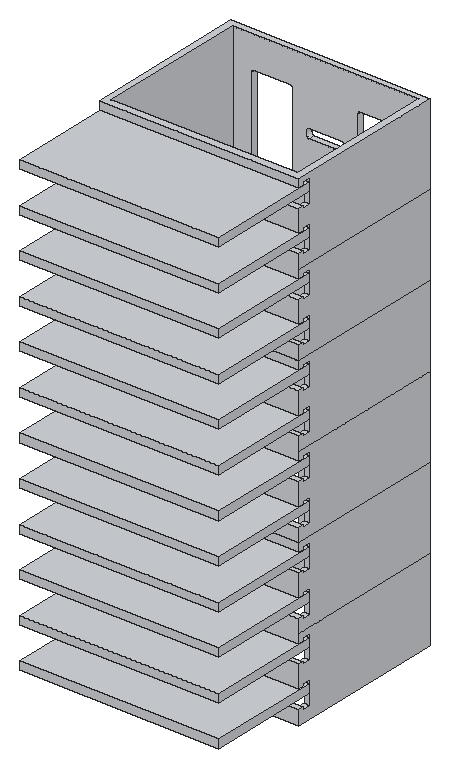
Revit family
Parameters
  Material ID = "760049452"
  Description = "VisiPatch® 360 12U Patch Panel Kit"
Reference planes (in)
  plane 1 "Center (Front/Back)": y = 0
  plane 2: z = 0
  plane 3 "Center (Left/Right)": x = 0
Forms (in)
  Extrusion 1, void, not visible
    sketch origin (0, 0, 0) x (1, 0, 0) y (0, 0, 1)
      loop
        line (-7.85662, 0.48089) -> (-7.85662, -0.39002) -> (-7.67285, -0.39002) -> (-7.67285, -0.64002) -> (-7.0736, -0.64002) -> (-7.0736, -0.39002) -> (-6.92978, -0.39002) -> (-6.92978, 0.48089) -> (-7.85662, 0.48089)
    from -3.79215 to 12
  Extrusion 2, void, not visible
    sketch origin (0, 0, 0) x (1, 0, 0) y (0, 0, 1)
      loop
        line (-8.21397, 0.42583) -> (-8.21397, -0.07417) -> (-8.08657, -0.07417) -> (-8.08657, -0.27417) -> (-7.83657, -0.27417) -> (-7.83657, -0.07417) -> (-7.72497, -0.07417) -> (-7.72497, 0.42583) -> (-8.21397, 0.42583)
    from 0.74059 to 3.34334
  Extrusion 3, solid
    sketch origin (0, 0, 0) x (1, 0, 0) y (0, 0, 1)
      loop
        line (-4.265, 0) -> (-4.265, -3.5) -> (4.265, -3.5) -> (4.265, 0) -> (4.265, 3.5) -> (-4.265, 3.5) -> (-4.265, 0)
    from 0 to 7
  Extrusion 4, void
    sketch origin (0, 0, 0) x (1, 0, 0) y (0, 1, 0)
      loop
        line (4.015, -6.75) -> (4.015, -0.25) -> (-3.985, -0.25) -> (-3.985, -6.75) -> (4.015, -6.75)
    from -9.31168 to 12
  Extrusion 5, void
    sketch origin (0, 0, 0) x (0, 1, 0) y (0, 0, 1)
      loop
        line (-6.77, -3) -> (-6.4, -3) -> (-6.4, -2) -> (-6.77, -2) -> (-6.77, -2.1) -> (-7, -2.1) -> (-7, -2.9) -> (-6.77, -2.9) -> (-6.77, -3)
      loop
        line (-6.77, -1.25) -> (-6.4, -1.25) -> (-6.4, -0.25) -> (-6.77, -0.25) -> (-6.77, -0.35) -> (-7, -0.35) -> (-7, -1.15) -> (-6.77, -1.15) -> (-6.77, -1.25)
      loop
        line (-6.77, 0.5) -> (-6.4, 0.5) -> (-6.4, 1.5) -> (-6.77, 1.5) -> (-6.77, 1.4) -> (-7, 1.4) -> (-7, 0.6) -> (-6.77, 0.6) -> (-6.77, 0.5)
      loop
        line (-6.77, 2.25) -> (-6.4, 2.25) -> (-6.4, 3.25) -> (-6.77, 3.25) -> (-6.77, 3.15) -> (-7, 3.15) -> (-7, 2.35) -> (-6.77, 2.35) -> (-6.77, 2.25)
    from -8.87399 to 12
  Extrusion 6, solid
    sketch origin (0, 0, 0) x (0, 1, 0) y (0, 0, 1)
      loop
        line (-6.4, -2.5) -> (-6.4, -2.15) -> (-11.281, -2.15) -> (-11.281, -2.5) -> (-6.4, -2.5)
      loop
        line (-6.4, -0.75) -> (-6.4, -0.4) -> (-11.281, -0.4) -> (-11.281, -0.75) -> (-6.4, -0.75)
      loop
        line (-6.4, 1) -> (-6.4, 1.35) -> (-11.281, 1.35) -> (-11.281, 1) -> (-6.4, 1)
      loop
        line (-6.4, 2.75) -> (-6.4, 3.1) -> (-11.281, 3.1) -> (-11.281, 2.75) -> (-6.4, 2.75)
    from -4.265 to 4.265
  Extrusion 7, void
    sketch origin (0, 0, 0) x (1, 0, 0) y (0, 0, 1)
      loop
        line (3.0521, 2.06448) -> (1.50821, 2.06448)
        arc (1.50821, 2.06448) -> (1.4375, 2.03519) -> (1.40821, 1.96448) r 0.1
        line (1.40821, 1.96448) -> (1.40821, -1.58552)
        arc (1.40821, -1.58552) -> (1.4375, -1.65623) -> (1.50821, -1.68552) r 0.1
        line (1.50821, -1.68552) -> (3.05821, -1.68552)
        arc (3.05821, -1.68552) -> (3.12892, -1.65623) -> (3.15821, -1.58552) r 0.1
        line (3.15821, -1.58552) -> (3.15821, 1.95838)
        arc (3.15821, 1.95838) -> (3.12713, 2.0334) -> (3.0521, 2.06448) r 0.1061
      loop
        arc (-2.80821, 2.06448) -> (-2.87892, 2.03519) -> (-2.90821, 1.96448) r 0.1
        line (-2.90821, 1.96448) -> (-2.90821, -1.58552)
        arc (-2.90821, -1.58552) -> (-2.87892, -1.65623) -> (-2.80821, -1.68552) r 0.1
        line (-2.80821, -1.68552) -> (-1.25821, -1.68552)
        arc (-1.25821, -1.68552) -> (-1.1875, -1.65623) -> (-1.15821, -1.58552) r 0.1
        line (-1.15821, -1.58552) -> (-1.15821, 1.96448)
        arc (-1.15821, 1.96448) -> (-1.1875, 2.03519) -> (-1.25821, 2.06448) r 0.1
        line (-1.25821, 2.06448) -> (-2.80821, 2.06448)
      loop
        line (0.71044, 0.71152) -> (-0.53956, 0.71152)
        spline (-0.53956, 0.71152) -> (-0.56627, 0.703) -> (-0.59116, 0.67803) -> (-0.61253, 0.6383) -> (-0.62893, 0.58652) -> (-0.63924, 0.52623) -> (-0.64276, 0.46152) -> (-0.63924, 0.39682) -> (-0.62893, 0.33652) -> (-0.61253, 0.28475) -> (-0.59116, 0.24502) -> (-0.56627, 0.22004) -> (-0.53956, 0.21152)
        line (-0.53956, 0.21152) -> (0.71044, 0.21152)
        spline (0.71044, 0.21152) -> (0.73985, 0.22004) -> (0.76726, 0.24502) -> (0.7908, 0.28475) -> (0.80887, 0.33652) -> (0.82022, 0.39682) -> (0.82409, 0.46152) -> (0.82022, 0.52623) -> (0.80887, 0.58652) -> (0.7908, 0.6383) -> (0.76726, 0.67803) -> (0.73985, 0.703) -> (0.71044, 0.71152)
    from 0 to 4.54227
  Extrusion 8, solid
    sketch origin (0, 0, 7) x (1, 0, 0) y (0, 0, 1)
      loop
        line (-4.265, 0) -> (-4.265, -3.5) -> (4.265, -3.5) -> (4.265, 0) -> (4.265, 3.5) -> (-4.265, 3.5) -> (-4.265, 0)
    from 0 to 7
  Extrusion 9, void
    sketch origin (0, 0, 7) x (0, 1, 0) y (0, 0, 1)
      loop
        line (-6.77, -3) -> (-6.4, -3) -> (-6.4, -2) -> (-6.77, -2) -> (-6.77, -2.1) -> (-7, -2.1) -> (-7, -2.9) -> (-6.77, -2.9) -> (-6.77, -3)
      loop
        line (-6.77, -1.25) -> (-6.4, -1.25) -> (-6.4, -0.25) -> (-6.77, -0.25) -> (-6.77, -0.35) -> (-7, -0.35) -> (-7, -1.15) -> (-6.77, -1.15) -> (-6.77, -1.25)
      loop
        line (-6.77, 0.5) -> (-6.4, 0.5) -> (-6.4, 1.5) -> (-6.77, 1.5) -> (-6.77, 1.4) -> (-7, 1.4) -> (-7, 0.6) -> (-6.77, 0.6) -> (-6.77, 0.5)
      loop
        line (-6.77, 2.25) -> (-6.4, 2.25) -> (-6.4, 3.25) -> (-6.77, 3.25) -> (-6.77, 3.15) -> (-7, 3.15) -> (-7, 2.35) -> (-6.77, 2.35) -> (-6.77, 2.25)
    from -8.87399 to 12
  Extrusion 10, solid
    sketch origin (0, 0, 14) x (1, 0, 0) y (0, 0, 1)
      loop
        line (-4.265, 0) -> (-4.265, -3.5) -> (4.265, -3.5) -> (4.265, 0) -> (4.265, 3.5) -> (-4.265, 3.5) -> (-4.265, 0)
    from 0 to 7
  Extrusion 11, void
    sketch origin (0, 0, 14) x (0, 1, 0) y (0, 0, 1)
      loop
        line (-6.77, -3) -> (-6.4, -3) -> (-6.4, -2) -> (-6.77, -2) -> (-6.77, -2.1) -> (-7, -2.1) -> (-7, -2.9) -> (-6.77, -2.9) -> (-6.77, -3)
      loop
        line (-6.77, -1.25) -> (-6.4, -1.25) -> (-6.4, -0.25) -> (-6.77, -0.25) -> (-6.77, -0.35) -> (-7, -0.35) -> (-7, -1.15) -> (-6.77, -1.15) -> (-6.77, -1.25)
      loop
        line (-6.77, 0.5) -> (-6.4, 0.5) -> (-6.4, 1.5) -> (-6.77, 1.5) -> (-6.77, 1.4) -> (-7, 1.4) -> (-7, 0.6) -> (-6.77, 0.6) -> (-6.77, 0.5)
      loop
        line (-6.77, 2.25) -> (-6.4, 2.25) -> (-6.4, 3.25) -> (-6.77, 3.25) -> (-6.77, 3.15) -> (-7, 3.15) -> (-7, 2.35) -> (-6.77, 2.35) -> (-6.77, 2.25)
    from -8.87399 to 12
  Extrusion 12, solid
    sketch origin (0, 0, 7) x (0, 1, 0) y (0, 0, 1)
      loop
        line (-6.4, -2.5) -> (-6.4, -2.15) -> (-11.281, -2.15) -> (-11.281, -2.5) -> (-6.4, -2.5)
      loop
        line (-6.4, -0.75) -> (-6.4, -0.4) -> (-11.281, -0.4) -> (-11.281, -0.75) -> (-6.4, -0.75)
      loop
        line (-6.4, 1) -> (-6.4, 1.35) -> (-11.281, 1.35) -> (-11.281, 1) -> (-6.4, 1)
      loop
        line (-6.4, 2.75) -> (-6.4, 3.1) -> (-11.281, 3.1) -> (-11.281, 2.75) -> (-6.4, 2.75)
    from -4.265 to 4.265
  Extrusion 13, solid
    sketch origin (0, 0, 14) x (0, 1, 0) y (0, 0, 1)
      loop
        line (-6.4, -2.5) -> (-6.4, -2.15) -> (-11.281, -2.15) -> (-11.281, -2.5) -> (-6.4, -2.5)
      loop
        line (-6.4, -0.75) -> (-6.4, -0.4) -> (-11.281, -0.4) -> (-11.281, -0.75) -> (-6.4, -0.75)
      loop
        line (-6.4, 1) -> (-6.4, 1.35) -> (-11.281, 1.35) -> (-11.281, 1) -> (-6.4, 1)
      loop
        line (-6.4, 2.75) -> (-6.4, 3.1) -> (-11.281, 3.1) -> (-11.281, 2.75) -> (-6.4, 2.75)
    from -4.265 to 4.265
  Extrusion 14, void
    sketch origin (0, 0, 0) x (1, 0, 0) y (0, 1, 0)
      loop
        line (-3.985, -0.25) -> (-3.985, -6.75) -> (4.015, -6.75) -> (4.015, -0.25) -> (-3.985, -0.25)
    from 0 to 12
  Extrusion 15, void
    sketch origin (0, 0, 0) x (1, 0, 0) y (0, 1, 0)
      loop
        line (-3.985, -6.75) -> (4.015, -6.75) -> (4.015, -0.25) -> (-3.985, -0.25) -> (-3.985, -6.75)
    from 0 to 20.38989
  Extrusion 16, void
    sketch origin (0, 0, 0) x (1, 0, 0) y (0, 0, 1)
      loop
        arc (3.05821, 5.275) -> (3.12892, 5.30429) -> (3.15821, 5.375) r 0.1
        line (3.15821, 5.375) -> (3.15821, 8.925)
        arc (3.15821, 8.925) -> (3.12892, 8.99571) -> (3.05821, 9.025) r 0.1
        line (3.05821, 9.025) -> (1.50821, 9.025)
        arc (1.50821, 9.025) -> (1.4375, 8.99571) -> (1.40821, 8.925) r 0.1
        line (1.40821, 8.925) -> (1.40821, 5.375)
        arc (1.40821, 5.375) -> (1.4375, 5.30429) -> (1.50821, 5.275) r 0.1
        line (1.50821, 5.275) -> (3.05821, 5.275)
      loop
        arc (3.05821, 12.375) -> (3.12892, 12.40429) -> (3.15821, 12.475) r 0.1
        line (3.15821, 12.475) -> (3.15821, 16.025)
        arc (3.15821, 16.025) -> (3.12892, 16.09571) -> (3.05821, 16.125) r 0.1
        line (3.05821, 16.125) -> (1.50821, 16.125)
        arc (1.50821, 16.125) -> (1.4375, 16.09571) -> (1.40821, 16.025) r 0.1
        line (1.40821, 16.025) -> (1.40821, 12.475)
        arc (1.40821, 12.475) -> (1.4375, 12.40429) -> (1.50821, 12.375) r 0.1
        line (1.50821, 12.375) -> (3.05821, 12.375)
      loop
        line (-3.05821, 5.275) -> (-1.50821, 5.275)
        arc (-1.50821, 5.275) -> (-1.4375, 5.30429) -> (-1.40821, 5.375) r 0.1
        line (-1.40821, 5.375) -> (-1.40821, 8.925)
        arc (-1.40821, 8.925) -> (-1.4375, 8.99571) -> (-1.50821, 9.025) r 0.1
        line (-1.50821, 9.025) -> (-3.05821, 9.025)
        arc (-3.05821, 9.025) -> (-3.12892, 8.99571) -> (-3.15821, 8.925) r 0.1
        line (-3.15821, 8.925) -> (-3.15821, 5.375)
        arc (-3.15821, 5.375) -> (-3.12892, 5.30429) -> (-3.05821, 5.275) r 0.1
      loop
        line (-3.05821, 12.375) -> (-1.50821, 12.375)
        arc (-1.50821, 12.375) -> (-1.4375, 12.40429) -> (-1.40821, 12.475) r 0.1
        line (-1.40821, 12.475) -> (-1.40821, 16.025)
        arc (-1.40821, 16.025) -> (-1.4375, 16.09571) -> (-1.50821, 16.125) r 0.1
        line (-1.50821, 16.125) -> (-3.05821, 16.125)
        arc (-3.05821, 16.125) -> (-3.12892, 16.09571) -> (-3.15821, 16.025) r 0.1
        line (-3.15821, 16.025) -> (-3.15821, 12.475)
        arc (-3.15821, 12.475) -> (-3.12892, 12.40429) -> (-3.05821, 12.375) r 0.1
      loop
        line (0.70821, 7.71395) -> (-0.70821, 7.71395)
        spline (-0.70821, 7.71395) -> (-0.73421, 7.70714) -> (-0.75844, 7.68716) -> (-0.77925, 7.65537) -> (-0.79521, 7.61395) -> (-0.80525, 7.56572) -> (-0.80867, 7.51395) -> (-0.80525, 7.46219) -> (-0.79521, 7.41395) -> (-0.77925, 7.37253) -> (-0.75844, 7.34075) -> (-0.73421, 7.32077) -> (-0.70821, 7.31395)
        line (-0.70821, 7.31395) -> (0.70821, 7.31395)
        spline (0.70821, 7.31395) -> (0.73387, 7.32077) -> (0.75778, 7.34075) -> (0.77832, 7.37253) -> (0.79408, 7.41395) -> (0.80398, 7.46219) -> (0.80736, 7.51395) -> (0.80398, 7.56572) -> (0.79408, 7.61395) -> (0.77832, 7.65537) -> (0.75778, 7.68716) -> (0.73387, 7.70714) -> (0.70821, 7.71395)
      loop
        line (0.70821, 14.71395) -> (-0.70821, 14.71395)
        spline (-0.70821, 14.71395) -> (-0.73421, 14.70714) -> (-0.75844, 14.68716) -> (-0.77925, 14.65537) -> (-0.79521, 14.61395) -> (-0.80525, 14.56572) -> (-0.80867, 14.51395) -> (-0.80525, 14.46219) -> (-0.79521, 14.41395) -> (-0.77925, 14.37253) -> (-0.75844, 14.34075) -> (-0.73421, 14.32077) -> (-0.70821, 14.31395)
        line (-0.70821, 14.31395) -> (0.70821, 14.31395)
        spline (0.70821, 14.31395) -> (0.73387, 14.32077) -> (0.75778, 14.34075) -> (0.77832, 14.37253) -> (0.79408, 14.41395) -> (0.80398, 14.46219) -> (0.80736, 14.51395) -> (0.80398, 14.56572) -> (0.79408, 14.61395) -> (0.77832, 14.65537) -> (0.75778, 14.68716) -> (0.73387, 14.70714) -> (0.70821, 14.71395)
    from 0 to 6.75
Cuts and joins
  Extrusion 4, Extrusion 5, Extrusion 7, Extrusion 9, Extrusion 14, Extrusion 15 cuts Extrusion 3
  Extrusion 7, Extrusion 9, Extrusion 14, Extrusion 15 cuts Extrusion 6
  Extrusion 9, Extrusion 11, Extrusion 14, Extrusion 15, Extrusion 16 cuts Extrusion 8
  Extrusion 11, Extrusion 14, Extrusion 15, Extrusion 16 cuts Extrusion 10
  Extrusion 14, Extrusion 15, Extrusion 16 cuts Extrusion 12
  Extrusion 14, Extrusion 15, Extrusion 16 cuts Extrusion 13
